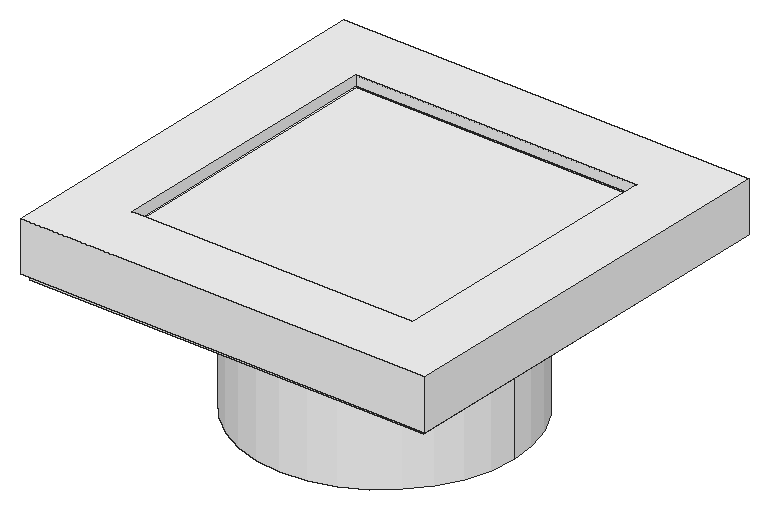
Revit family "Gira_284401", category Electrical Fixtures, host Face, Revit 2017
Family settings
  Host = Face
  Maintain Annotation Orientation = Yes
  Round Connector Dimension = Use Diameter
  Part Type = Normal
  Cut with Voids When Loaded = No
  Shared = No
  Room Calculation Point = No
Parameters (values of type "Rocker btn BS 3-g NO con. System 55 cr.white")
  With lighting = "No"
  White [instance] = White
  URL = "http://katalog.gira.de/en/datenblatt.html?artikelnr=284401"
  Type of fastening = "Mounting with claw and screw"
  Transparent = "No"
  Surface protection = "Other"
  Surface finishing = "Glossy"
  Suitable for degree of protection (IP) = "IP20"
  RAL-number (akin) = "1013"
  Number of rockers = "3"
  Name = "Rocker btn BS 3-g NO con. System 55 cr.white"
  Mounting method = "Flush mounted (plaster)"
  Model = "Group push button"
  Method of operation = "Rocker"
  Material quality = "Thermoplastic"
  Material = "Plastic"
  Manufacturer URL = "https://www.gira.de/"
  Manufacturer = "Gira"
  Label space/information surface = "No"
  Imprint = "None"
  HeinzeBIM = "https://bimportal.heinze.de/bim/rocker-btn-bs-3-g-no-con-system-55-cr-white/58e0d19592c313709af8ae32e2fd250811c23fc1"
  Halogen free = "Yes"
  HAN = "284401"
  GTIN = "4010337082033"
  Description = "Rock.btn BS 3g 10A NO con.1-p Sys55 CW,British Standard rocker button (BS EN 60669-1), 3-gang 10 A 250 V~ with rockers,System 55, support ring 71 x 71 mm, NO contact 1-pole,cream white glossy,Features:,- With screw terminals.,,Notes :,- For screw mounting only."
  Default Elevation = 1219.2 mm
  Data sheet (1) = "https://katalog.gira.de/en/download.html?artikelnr=284401"
  Contacts = "Other"
  Colour = "Cream white (electro white)"
  Category = "Push-switch button"
  BIM (1) = "https://media.stage.bim.site/public/gira/36a6b08/Sys55_Komplettgerät_Schalten und Tasten.rfa?public/gira/36a6b08/Sys55_Komplettgerät_Schalten und Tasten.rfa"
  Available = "No"
  Assembly arrangement = "Basic element with adapter plate"
Reference planes
  plane 1 "Center (Front/Back)": y = 0
  plane 2: z = 0
  plane 3 "Center (Left/Right)": x = 0
Forms (mm)
  Extrusion 1, solid, material "White" <- "White", detail levels medium
    sketch origin (0, 0, 0) x (1, 0, 0) y (0, 1, 0)
      loop
        line (-40.4, 40.4) -> (-40.4, -40.4) -> (40.4, -40.4) -> (40.4, 40.4) -> (-40.4, 40.4)
      loop
        line (-28, 28) -> (-28, -28) -> (28, -28) -> (28, 28) -> (-28, 28)
    from 0 to 10
  Extrusion 2, solid, material "White" <- "White", detail levels fine
    sketch origin (0, 0, 0) x (1, 0, 0) y (0, 1, 0)
      loop
        line (-40.4, 40.4) -> (-40.4, -40.4) -> (40.4, -40.4) -> (40.4, 40.4) -> (-40.4, 40.4)
      loop
        line (-28, 28) -> (-28, -28) -> (28, -28) -> (28, 28) -> (-28, 28)
    from 0 to 10
  Extrusion 3, void
    sketch origin (0, 0, 0) x (1, 0, 0) y (0, 1, 0)
      loop
        line (-38.4, 38.4) -> (-38.4, -38.4) -> (38.4, -38.4) -> (38.4, 38.4) -> (-38.4, 38.4)
    from 0 to 8
  Extrusion 4, solid, material "White" <- "White", detail levels medium+fine
    sketch origin (0, 0, 0) x (1, 0, 0) y (0, 1, 0)
      loop
        line (-39.4, 39.4) -> (-39.4, -39.4) -> (39.4, -39.4) -> (39.4, 39.4) -> (-39.4, 39.4)
    from 0 to -1
  Extrusion 5, solid, material "White" <- "White", detail levels medium+fine
    sketch origin (0, 0, 0) x (1, 0, 0) y (0, 1, 0)
      loop
        line (-35.5, 35.5) -> (-35.5, -35.5) -> (35.5, -35.5) -> (35.5, 35.5) -> (-35.5, 35.5)
    from -2 to -3
  Extrusion 6, solid, material "White" <- "White", detail levels medium+fine
    sketch origin (0, 0, 0) x (1, 0, 0) y (0, 1, 0)
      loop
        circle (0, 0) r 26
    from 0 to -27.5
  Extrusion 7, solid, material "White" <- "White", detail levels coarse
    sketch origin (0, 0, 0) x (1, 0, 0) y (0, 1, 0)
      loop
        line (-40.4, 40.4) -> (-40.4, -40.4) -> (40.4, -40.4) -> (40.4, 40.4) -> (-40.4, 40.4)
    from -27.5 to 10
Cuts and joins
  Extrusion 3 cuts Extrusion 2
Dimensions and locks
  aligned and locked: plane 2 to host face
  aligned and locked: level to host face
  aligned and locked: plane 3 "Center (Left/Right)" to nested 2
  aligned and locked: plane 1 "Center (Front/Back)" to nested 2
Nested families
  nested 1: "Sys55_Abdeckung_Schalten und Tasten_floor_base" at (0, 0, 0), type "Sys55_Abdeckung_Schalten und Tasten_floor_base"
  nested 2: "Schalter" at (0, 0, 0), type "Schalter"
Connectors
  electrical at (0, 0, -27.5)
    settings: on Extrusion 6, index 1, voltage 220 V, apparent load 0 VA, apparent load phase1 0 VA, apparent load phase2 0 VA, apparent load phase3 0 VA, power factor 1, load classification "Other", number of poles 1, system type 30, power factor state 1, is connector primary yes, connector utility no, sub classification motor no, connector description ""
Definition of nested family "Sys55_Abdeckung_Schalten und Tasten_floor_base"
  Parameters
    Default Elevation = 1219.2 mm
    White [instance] = none
  Reference planes
    plane 1 "Center (Front/Back)": y = 0
    plane 2: z = 0
    plane 3 "Center (Left/Right)": x = 0
  Forms (mm)
    Extrusion 1, solid
      sketch origin (0, 0, 0) x (1, 0, 0) y (0, 1, 0)
        loop
          line (-1219.2, 1219.2) -> (-1219.2, -1219.2) -> (1219.2, -1219.2) -> (1219.2, 1219.2) -> (-1219.2, 1219.2)
      from 0 to -304.8
    Extrusion 2, solid, material <- "White", detail levels fine
      sketch origin (0, 0, 0) x (1, 0, 0) y (0, 1, 0)
        loop
          line (-27.5, 27.5) -> (-27.5, -27.5) -> (27.5, -27.5) -> (27.5, 27.5) -> (-27.5, 27.5)
      from 0 to 8
    Extrusion 3, void
      sketch origin (0, 0, 0) x (1, 0, 0) y (0, 1, 0)
        loop
          line (26, 26) -> (-26, 26) -> (-26, -26) -> (26, -26) -> (26, 26)
      from 0 to 6
    Extrusion 4, solid, material <- "White", detail levels medium
      sketch origin (0, 0, 0) x (1, 0, 0) y (0, 1, 0)
        loop
          line (-27.5, 27.5) -> (-27.5, -27.5) -> (27.5, -27.5) -> (27.5, 27.5) -> (-27.5, 27.5)
      from 0 to 8
    Extrusion 5, solid, material <- "White", detail levels medium
      sketch origin (0, 0, 0) x (1, 0, 0) y (0, 1, 0)
        loop
          line (11, -17.5) -> (11, 17.5) -> (-11, 17.5) -> (-11, -17.5) -> (11, -17.5)
      from -6 to 6
    Extrusion 6, solid, material <- "White", detail levels fine
      sketch origin (0, 0, 0) x (1, 0, 0) y (0, 1, 0)
        loop
          line (11, 17.5) -> (-11, 17.5) -> (-11, 16.5) -> (11, 16.5) -> (11, 17.5)
        loop
          line (-11, -16.5) -> (-11, -17.5) -> (11, -17.5) -> (11, -16.5) -> (-11, -16.5)
      from -4 to 6
    Extrusion 7, solid, material <- "White", detail levels fine
      sketch origin (0, 0, 0) x (1, 0, 0) y (0, 1, 0)
        loop
          arc (5, 9.347) -> (0, 10.6) -> (-5, 9.347) r 10.6
          line (-5, 9.347) -> (-5, -9.347)
          arc (-5, -9.347) -> (0, -10.6) -> (5, -9.347) r 10.6
          line (5, -9.347) -> (5, 9.347)
      from -6 to 6
    Extrusion 8, solid, material <- "White", detail levels coarse
      sketch origin (0, 0, 0) x (1, 0, 0) y (0, 1, 0)
        loop
          line (-27.5, 27.5) -> (-27.5, -27.5) -> (27.5, -27.5) -> (27.5, 27.5) -> (-27.5, 27.5)
      from -6 to 8
  Cuts and joins
    Extrusion 3 cuts Extrusion 2
  Dimensions and locks
    aligned and locked: plane 2 to Extrusion 1
    aligned and locked: level to Extrusion 1
Definition of nested family "Schalter"
  Reference planes
    plane 1: y = 0
    plane 2: x = 0
  Lines and regions (mm)
    detail lines
      curve 1: circle (1.375, 2.778, 0) r 0.8 normal (0, 0, 1)
      curve 2: line (1.021, 2.061, 0) -> (0, 0, 0)
      curve 3: line (0, 0, 0) -> (-0.538, 0.266, 0)
  Dimensions and locks
    curve 2 to curve 2 = 2.3 mm
    curve 3 to curve 2 = 0.6 mm
    radius of curve 1 = 0.8 mm
